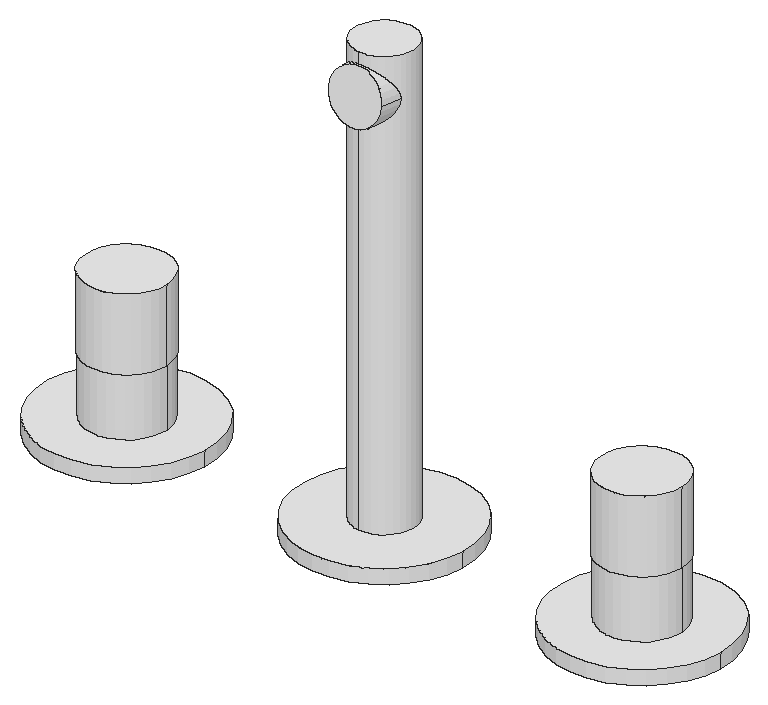
Revit family "BasinMixer-(Built-in)-Vitra-OriginSeries-A42582", category Plumbing Fixtures, host Face, Revit 2017
Family settings
  Host = Face
  Round Connector Dimension = Use Diameter
  Part Type = Normal
  OmniClass Number = 23.45.55.17
  OmniClass Title = Mixing Faucets
  Cut with Voids When Loaded = No
  Shared = Yes
  Room Calculation Point = No
Parameters (values of type "BasinMixer-(Built-in)-Vitra-OriginSeries(Chrome)-A42582")
  Youtube = "https://www.youtube.com/user/VitrAglobal"
  Weight Net (kg) = "2"
  Waste Connection = no
  Warranty Period (Year) = "10 Years"
  Vent Connection = no
  Uniformat II Description = "Plumbing Fixture"
  Uniformat II Code = "22 40 00"
  Uniclass 2015 Name = "Washbasin Tap"
  Uniclass 2015 Code = "Pr_40_20_87_98"
  Uniclass 2.0 Description = "Washbasin Tap"
  Uniclass 2.0 Code = "Pr_40_30_96_98"
  Uniclass 1.4 Description = "Mixer taps"
  Uniclass 1.4 Code = "L725111"
  URL = "https://vitraglobal.com/"
  UNSPSC Description = ""
  UNSPSC Code = ""
  Test Pressure = "16 bar"
  Technical description = "https://www.vitra.com.tr/pdf/A42582/"
  Tap hole Options (default) = ""
  Specification = ""
  Region South America = "All"
  Region Oceania = "All"
  Region North America = "All"
  Region Middle East = "All"
  Region Europe = "All"
  Region Asia = "All"
  Region Antarctica = "All"
  Region Africa = "All"
  Range of flow pressure = "1 - 5 bar"
  Range of Hot Water Supply = "5 - 65 °C"
  Product url = ""
  Product manual = ""
  Product group = "Origin Built-in Basin Mixer"
  Product family = "Origin"
  Product data url = "https://www.vitra.com.tr/armaturler/lavabo-bataryalari/ankastre-lavabo-bataryasi/ankastre-lavabo-bataryasi-siva-ustu-grubu-3-rozetli-sku-A42582/"
  Product certification = "https://www.vitraglobal.com/brochures/"
  Product Type = "Basin Mixer"
  Product SKU = "A42582"
  Product Properties = "Green Building Certification European Water Label"
  Product Guid = ""
  Primary Material = none
  OmniClass Description = "Mixing Faucets"
  OmniClass Code = "23.45.55.17"
  Number Of Connections = "2"
  Nominal Width (mm) = 240 mm
  Nominal Height (mm) = 60 mm
  Nominal Depth (mm) = 155 mm
  NBS Referans Description = "Water supply fittings for wash basins and troughs"
  NBS Referans Code = "45-35-70/371"
  Mounting type = "Wall Mounted"
  Model = "A42582"
  Min. flow pressure of = "0.5 bar"
  Masterformat 2014 Description = "Plumbing Fixtures"
  Masterformat 2014 Code = "22 40 00"
  Manufacturer name = "Vitra"
  Manufacturer = "Vitra"
  Main Material = "Brass"
  Installation instructions = ""
  IFC Classification = "Sanitary Terminal"
  Hot Water temperature, factory set to = "38 °C"
  Hot Water Supply (max.) = "80 °C"
  Help = ""
  HW Connection = yes
  GTIP code = ""
  Flow Rate(L/min. - 3 bar) = "5L/min"
  Features = ""
  EAN code = ""
  Design country = "Turkey"
  Description = "Origin Built-In Basin Mixer"
  Default Elevation = 850 mm
  Connection Diameter (mm) = 15 mm
  Color = "Chrome"
  Coating Material = Chrome
  Calculated flow = ""
  CW Connection = yes
  COBIe Type Category = ""
  Brand = "VitrA"
  BIMobject category = "Taps & Mixers"
  Article No. (default) = "A42582"
  Approvals = ""
  ApplicationType = ""
  Accessories (default) = ""
Types (4, lengths in mm): name | Technical description | Product data url | Product SKU | Model | Connection Diameter (mm) | Color | Coating Material | Article No. (default)
  BasinMixer-(Built-in)-Vitra-OriginSeries(MatteBlack)-A4258236 | "https://www.vitra.com.tr/pdf/A4258236/" | "https://www.vitra.com.tr/armaturler/lavabo-bataryalari/ankastre-lavabo-bataryasi/ankastre-lavabo-bataryasi-siva-ustu-grubu-3-rozetli-sku-A4258236/" | "A4258236" | "A4258236" | 10 | "Matte Black" | Matte Black | "A4258236"
  BasinMixer-(Built-in)-Vitra-OriginSeries(Nickel)-A4258234 | "https://www.vitra.com.tr/pdf/A4258234/" | "https://www.vitra.com.tr/armaturler/lavabo-bataryalari/ankastre-lavabo-bataryasi/ankastre-lavabo-bataryasi-siva-ustu-grubu-3-rozetli-sku-A4258234/" | "A4258234" | "A4258234" | 10 | "Nickel" | Nickel | "A4258234"
  BasinMixer-(Built-in)-Vitra-OriginSeries(BrightCopper)-A4258226 | "https://www.vitra.com.tr/pdf/A4258226/" | "https://www.vitra.com.tr/armaturler/lavabo-bataryalari/ankastre-lavabo-bataryasi/ankastre-lavabo-bataryasi-siva-ustu-grubu-3-rozetli-sku-A4258226/" | "A4258226" | "A4258226" | 10 | "Bright Copper" | BrightCopper | "A4258226"
  BasinMixer-(Built-in)-Vitra-OriginSeries(Chrome)-A42582 | "https://www.vitra.com.tr/pdf/A42582/" | "https://www.vitra.com.tr/armaturler/lavabo-bataryalari/ankastre-lavabo-bataryasi/ankastre-lavabo-bataryasi-siva-ustu-grubu-3-rozetli-sku-A42582/" | "A42582" | "A42582" | 15 | "Chrome" | Chrome | "A42582"
Reference planes
  plane 1 "Center (Front/Back)": y = 0
  plane 2: z = 0
  plane 3 "Center (Left/Right)": x = 0
  plane 4: y = 28.94
  plane 5: y = -31.06
  plane 6: x = 121.057
  plane 7: x = -118.943
  plane 8: z = 155
Forms (mm)
  Extrusion 1, solid, material "Chrome" <- "Coating Material", detail levels fine
    sketch origin (0, 0, 0) x (1, 0, 0) y (0, 1, 0)
      loop
        circle (90, -0.003) r 29
    from 0 to 5.021
  Extrusion 2, solid, material "Chrome" <- "Coating Material", detail levels fine
    sketch origin (0, 0, 0) x (1, 0, 0) y (0, 1, 0)
      loop
        circle (90, -0.003) r 13.6
    from 0 to 25.576
  Extrusion 3, solid, material "Chrome" <- "Coating Material", detail levels fine
    sketch origin (0, 0, 0) x (1, 0, 0) y (0, 1, 0)
      loop
        circle (90, -0.003) r 14
    from 25.576 to 50.761
  Extrusion 4, solid, material "Chrome" <- "Coating Material", detail levels fine
    sketch origin (-180, 0, 0) x (1, 0, 0) y (0, 1, 0)
      loop
        circle (90, -0.003) r 29
    from 0 to 5.021
  Extrusion 5, solid, material "Chrome" <- "Coating Material", detail levels fine
    sketch origin (-180, 0, 0) x (1, 0, 0) y (0, 1, 0)
      loop
        circle (90, -0.003) r 13.6
    from 0 to 25.576
  Extrusion 6, solid, material "Chrome" <- "Coating Material", detail levels fine
    sketch origin (-180, 0, 0) x (1, 0, 0) y (0, 1, 0)
      loop
        circle (90, -0.003) r 14
    from 25.576 to 50.761
  Extrusion 7, solid, material "Chrome" <- "Coating Material", detail levels fine
    sketch origin (0, 0, 0) x (1, 0, 0) y (0, 1, 0)
      loop
        circle (0, -0.003) r 29
    from 0 to 5.021
  Extrusion 8, solid, material "Chrome" <- "Coating Material", detail levels fine
    sketch origin (-10.036, -0.003, 154.521) x (1, 0, 0) y (0, 1, 0)
      loop
        circle (10.036, 0) r 10.25
    from 0 to -149.5
  Extrusion 9, solid, material "Chrome" <- "Coating Material", detail levels fine
    sketch origin (0.012, -10.375, 141.51) x (1, 0, 0) y (0, 0.139173, 0.990268)
      loop
        circle (0, 0) r 9.314
    from 2.297 to -11.045
  Extrusion 10, solid, detail levels coarse
    sketch origin (0, 0, 0) x (1, 0, 0) y (0, 1, 0)
      loop
        line (121.057, 28.94) -> (-118.943, 28.94) -> (-118.943, -31.06) -> (121.057, -31.06) -> (121.057, 28.94)
    from 0 to 154.521
  Extrusion 11, solid, detail levels medium
    sketch origin (-180, 0, 0) x (0, 1, 0) y (1, 0, 0)
      loop
        circle (-0.003, 90) r 29
      loop
        circle (-0.003, 180) r 29
      loop
        circle (-0.003, 270) r 29
    from 0 to -5
  Extrusion 12, solid, detail levels medium
    sketch origin (-180, 0, 0) x (0, 1, 0) y (1, 0, 0)
      loop
        circle (-0.003, 90) r 14
    from -5.021 to -50.761
  Extrusion 13, solid, detail levels medium
    sketch origin (0, 0, 0) x (0, 1, 0) y (1, 0, 0)
      loop
        circle (-0.003, 90) r 14
    from -5.021 to -50.761
  Extrusion 14, solid, detail levels medium
    sketch origin (-180, 0, 0) x (0, 1, 0) y (1, 0, 0)
      loop
        circle (-0.003, 180) r 10.25
    from 0 to -154.521
Cuts and joins
  joined: Extrusion 1, Extrusion 2, Extrusion 3, Extrusion 4, Extrusion 5, Extrusion 6, Extrusion 7, Extrusion 8, Extrusion 9
Dimensions and locks
  "Nominal Width (mm)": plane 7 to plane 6
  "Nominal Height (mm)": plane 4 to plane 5
  "Nominal Depth (mm)": plane 8 to host face
  aligned and locked: plane 2 to host face
  aligned and locked: level to host face
Automatic sketch dimensions
  host sketch curve to host sketch curve = 2438.4 mm  (x2)
  Extrusion 1 sketch curve to Extrusion 1 sketch curve = 0 mm  (x2)
  plane 1 "Center (Front/Back)" to Extrusion 1 sketch curve = 0.003 mm
  plane 6 to Extrusion 1 sketch curve = 31.057 mm
  Extrusion 1 sketch curve to plane 1 "Center (Front/Back)" = 1.818 mm
  Extrusion 1 sketch curve to Extrusion 1 sketch curve = 28.943 mm
  plane 1 "Center (Front/Back)" to Extrusion 1 sketch curve = 1.824 mm
  Extrusion 2 sketch curve to Extrusion 2 sketch curve = 0 mm  (x2)
  plane 1 "Center (Front/Back)" to Extrusion 2 sketch curve = 0.003 mm
  plane 6 to Extrusion 2 sketch curve = 31.057 mm
  plane 1 "Center (Front/Back)" to Extrusion 2 sketch curve = 0.857 mm
  Extrusion 2 sketch curve to Extrusion 2 sketch curve = 13.573 mm
  Extrusion 2 sketch curve to plane 1 "Center (Front/Back)" = 0.851 mm
  plane 1 "Center (Front/Back)" to Extrusion 3 sketch curve = 0.003 mm
  plane 6 to Extrusion 3 sketch curve = 31.057 mm
  Extrusion 4 sketch curve to Extrusion 4 sketch curve = 0 mm  (x2)
  Extrusion 4 sketch curve to plane 7 = 0 mm
  plane 1 "Center (Front/Back)" to Extrusion 4 sketch curve = 0.003 mm
  Extrusion 4 sketch curve to plane 7 = 28.943 mm
  plane 1 "Center (Front/Back)" to Extrusion 4 sketch curve = 1.824 mm
  Extrusion 4 sketch curve to Extrusion 4 sketch curve = 28.943 mm
  Extrusion 5 sketch curve to Extrusion 5 sketch curve = 0 mm  (x2)
  plane 1 "Center (Front/Back)" to Extrusion 5 sketch curve = 0.003 mm
  Extrusion 5 sketch curve to plane 7 = 28.943 mm
  plane 1 "Center (Front/Back)" to Extrusion 5 sketch curve = 0.857 mm
  Extrusion 5 sketch curve to Extrusion 5 sketch curve = 13.573 mm
  Extrusion 5 sketch curve to plane 1 "Center (Front/Back)" = 0.851 mm
  plane 1 "Center (Front/Back)" to Extrusion 6 sketch curve = 0.003 mm
  Extrusion 6 sketch curve to plane 7 = 28.943 mm
  Extrusion 7 sketch curve to Extrusion 7 sketch curve = 0 mm  (x2)
  Extrusion 7 sketch curve to plane 3 "Center (Left/Right)" = 0 mm
  plane 1 "Center (Front/Back)" to Extrusion 7 sketch curve = 0.003 mm
  Extrusion 7 sketch curve to plane 1 "Center (Front/Back)" = 1.818 mm
  Extrusion 7 sketch curve to plane 3 "Center (Left/Right)" = 28.943 mm
  plane 1 "Center (Front/Back)" to Extrusion 7 sketch curve = 1.824 mm
  Extrusion 8 sketch curve to Extrusion 8 sketch curve = 0 mm  (x2)
  Extrusion 8 sketch curve to plane 3 "Center (Left/Right)" = 0 mm
  plane 1 "Center (Front/Back)" to Extrusion 8 sketch curve = 0.003 mm
  Extrusion 8 sketch curve to plane 3 "Center (Left/Right)" = 0.644 mm
  plane 3 "Center (Left/Right)" to Extrusion 8 sketch curve = 0.644 mm
  plane 1 "Center (Front/Back)" to Extrusion 8 sketch curve = 10.233 mm
  plane 3 "Center (Left/Right)" to Extrusion 9 sketch curve = 0.012 mm
  Extrusion 10 sketch curve to plane 4 = 0 mm
  Extrusion 10 sketch curve to plane 7 = 0 mm
  Extrusion 10 sketch curve to plane 5 = 0 mm
  Extrusion 10 sketch curve to plane 6 = 0 mm
  Extrusion 11 sketch curve to Extrusion 11 sketch curve = 0 mm  (x4)
  Extrusion 11 sketch curve to Extrusion 11 sketch curve = 1.821 mm  (x8)
  Extrusion 11 sketch curve to Extrusion 11 sketch curve = 61.057 mm  (x2)
  Extrusion 11 sketch curve to Extrusion 11 sketch curve = 28.943 mm  (x2)
  Extrusion 12 sketch curve to Extrusion 12 sketch curve = 0 mm  (x2)
  Extrusion 12 sketch curve to Extrusion 12 sketch curve = 14 mm
  Extrusion 13 sketch curve to Extrusion 13 sketch curve = 0 mm  (x2)
  Extrusion 13 sketch curve to Extrusion 13 sketch curve = 14 mm
  Extrusion 14 sketch curve to Extrusion 14 sketch curve = 0 mm  (x2)
  Extrusion 14 sketch curve to Extrusion 14 sketch curve = 10.23 mm  (x2)
  Extrusion 14 sketch curve to Extrusion 14 sketch curve = 0.644 mm
  radius of Extrusion 3 sketch curve = 14 mm
  radius of Extrusion 6 sketch curve = 14 mm
  radius of Extrusion 9 sketch curve = 9.314 mm
  radius of Extrusion 11 sketch curve to Extrusion 4 = 0 mm
Connectors
  piping at (0, -0.003, 0), diameter 15, driven by "Connection Diameter (mm)"
    settings: on cut or joined group of Extrusion 1, Extrusion 2, Extrusion 3, Extrusion 4, Extrusion 5, Extrusion 6, Extrusion 7, Extrusion 8, Extrusion 9, index 1, connector inside diameter 609.6 mm, connector length 0 mm, flow factor 0, pipe flow 0.0 L/s, pressure drop 0.0 Pa, fitting loss kfactor 0, connector angle 0.00°, fixture units 0, engagement length 0 mm, angle of deflection 0.00°, flow configuration 0, flow direction 1, fitting loss method 0, system type 22, joint type 0, gender type 0, connector reference index -1, connector utility 0, adjustable connector no, is connector primary yes, connector description ""
